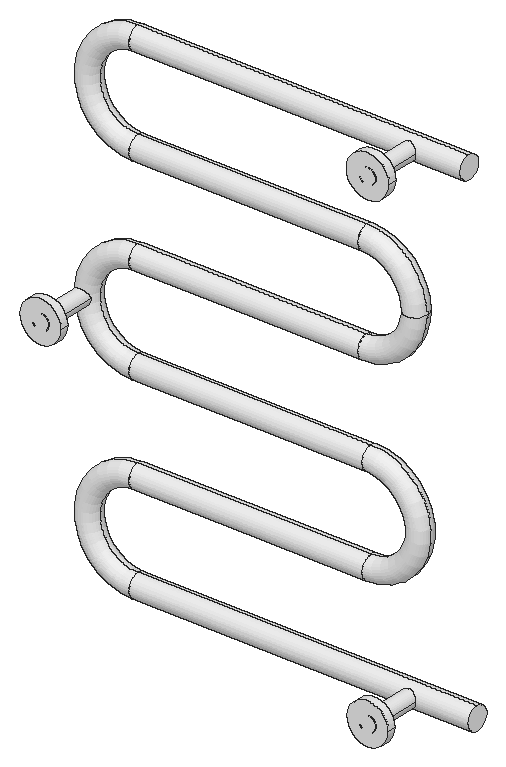
Revit family "EE 400 S 5K L", category Generic Models, host Wall, Revit 2017
Family settings
  Host = Wall
  Can host rebar = No
  Round Connector Dimension = Use Diameter
  Part Type = Normal
  Always vertical = Yes
  Cut with Voids When Loaded = No
  Shared = No
  Room Calculation Point = No
Parameters (values of type "EE 400 S 5K L")
  URL = "http://www.sentakia.com/sahkotoimiset-pyyhekuivaimet/"
  Teho = "60 W"
  Sähkönumero = "8112501"
  Sentakia_Material_Default = Stainless Steel, Polished_sentakia
  RAL-väri [instance] = yes
  RAL-koodi [instance] = ""
  Model = "EE 400 S 5K L"
  Materiaali = "kromattu teräs"
  Manufacturer = "Sentakia Oy"
  Leveys = 400 mm  # constant formula
  LVI = "5282043"
  Keynote = "6120"
  IP = "IP 44"
  Height = 600 mm  # constant formula
  EAN = "4770046006620"
  Depth = 88 mm  # constant formula
  Assembly Code = ""
Reference planes
  plane 1 "Wall": y = 0
  plane 2 "Center (Left/Right)": x = 125
  plane 3 "Back": y = 75
  plane 4 "Outer": y = 163
  plane 5: y = 135
  plane 6 "Connector lower": z = 1200
  plane 7 "Connector upper": z = 1800
  plane 8: z = 1210
  plane 9: z = 1190
  plane 10 "r": x = 325
  plane 11 "l": x = -75
  plane 12 "Pipe": y = 149
  plane 13 "Tikas1": z = 1320
  plane 14: z = 1560
  plane 15: z = 1440
  plane 16: z = 1680
  plane 17: x = -140
  plane 18 "Handler middle": z = 1500
  plane 19: y = 85
  plane 20: x = 390
  plane 21: x = 400
Forms (mm)
  Extrusion 1, solid, material "Stainless Steel, Polished_sentakia" <- "Sentakia_Material_Default", detail levels medium+fine
    sketch origin (250, 0, 0) x (-1, 0, 0) y (0, 0, -1)
      loop
        circle (-75, -1200) r 10
    from -149 to -75
  Extrusion 2, solid, material "Stainless Steel, Polished_sentakia" <- "Sentakia_Material_Default", detail levels medium+fine
    sketch origin (250, 0, 310) x (-1, 0, 0) y (0, 0, -1)
      loop
        circle (-75, -1490) r 10
    from -149 to -75
  Extrusion 3, solid, material "Stainless Steel, Polished_sentakia" <- "Sentakia_Material_Default", detail levels coarse
    sketch origin (125, 0, 0) x (0, 1, 0) y (0, 0, -1)
      loop
        line (163, -1800) -> (163, -1200) -> (75, -1200) -> (75, -1800) -> (163, -1800)
    from -265 to 200
  Sweep 4, solid, material "Stainless Steel, Polished_sentakia" <- "Sentakia_Material_Default", detail levels medium+fine
    path origin (250, 163, 0) x (0, 0, 1) y (1, 0, 0)
      loop
        line (1800, 140) -> (1800, -265)
        arc (1800, -265) -> (1740, -325) -> (1680, -265) r 60
        line (1680, -265) -> (1680, 15)
        arc (1680, 15) -> (1662.426, 57.426) -> (1620, 75) r 60
        arc (1620, 75) -> (1577.574, 57.426) -> (1560, 15) r 60
        line (1560, 15) -> (1560, -265)
        arc (1560, -265) -> (1500, -325) -> (1440, -265) r 60
        line (1440, -265) -> (1440, 20.02)
        arc (1440, 20.02) -> (1380, 80.02) -> (1320, 20.02) r 60
        line (1320, 20.02) -> (1320, -265)
        arc (1320, -265) -> (1260, -325) -> (1200, -265) r 60
        line (1200, -265) -> (1200, 150)
    profile origin (187.5, 163, 1800) x (0, 0, -1) y (0, -1, 0)
      loop
        circle (0, 14) r 13.953
  Extrusion 5, solid, material "Stainless Steel, Polished_sentakia" <- "Sentakia_Material_Default", detail levels medium+fine
    sketch origin (250, 0, 0) x (-1, 0, 0) y (0, 0, -1)
      loop
        circle (325, -1500) r 10
    from -149 to -75
  Extrusion 6, solid, material "Stainless Steel, Polished_sentakia" <- "Sentakia_Material_Default", detail levels medium+fine
    sketch origin (250, 0, 0) x (-1, 0, 0) y (0, 0, -1)
      loop
        circle (325, -1500) r 25
    from -85 to -75
  Extrusion 7, solid, material "Stainless Steel, Polished_sentakia" <- "Sentakia_Material_Default", detail levels medium+fine
    sketch origin (250, 0, 0) x (-1, 0, 0) y (0, 0, -1)
      loop
        circle (-75, -1800) r 26
    from -85 to -75
  Extrusion 8, solid, material "Stainless Steel, Polished_sentakia" <- "Sentakia_Material_Default", detail levels medium+fine
    sketch origin (250, 0, -600) x (-1, 0, 0) y (0, 0, -1)
      loop
        circle (-75, -1800) r 25
    from -85 to -75
Cuts and joins
  joined: Extrusion 1, Extrusion 2, Sweep 4, Extrusion 5
Text (mm)
  text "Placement Side" at (-1848.837, 1116.779, 0), in view "Ref. Level"
  text "Placement side" at (0, 1409.804, 2854.306), in view "Left"
  text "Placement side" at (0, 499.811, 2980.732), in view "Right"
Dimensions and locks
  locked: plane 3 "Back" to host wall
  "Depth": plane 4 "Outer" to host wall
  locked: plane 4 "Outer" to plane 5 at 28
  "Leveys": plane 11 "l" to plane 10 "r"
  plane 7 "Connector upper" to level = 1800 mm
  plane 7 "Connector upper" to plane 6 "Connector lower" = 600 mm
  equal spacing: plane 11 "l", plane 2 "Center (Left/Right)", plane 10 "r"
  "Height": plane 6 "Connector lower" to plane 7 "Connector upper"
  equal spacing: plane 6 "Connector lower", plane 13 "Tikas1", plane 15, plane 14, plane 16, plane 7 "Connector upper"
  level to plane 7 "Connector upper" = 1800 mm
  plane 8 to plane 6 "Connector lower" to plane 9 = 10 mm, 10 mm
  plane 11 "l" to plane 20 to plane 21 = 465 mm locked, 10 mm locked
  equal spacing: plane 15, plane 18 "Handler middle", plane 14
  locked: host wall to plane 12 "Pipe" at 74
  aligned and locked: plane 1 "Wall" to host wall
  aligned and locked: Extrusion 7 to host wall
  aligned and locked: Extrusion 7 to plane 19
  aligned and locked: Extrusion 2 to plane 12 "Pipe"
  aligned and locked: Extrusion 2 to host wall
  aligned and locked: Extrusion 6 to host wall
  aligned and locked: Extrusion 6 to plane 19
  aligned and locked: Extrusion 5 to host wall
  aligned and locked: Extrusion 5 to plane 12 "Pipe"
  aligned and locked: Extrusion 1 to host wall
  aligned and locked: Extrusion 1 to plane 12 "Pipe"
  aligned and locked: Extrusion 8 to host wall
  aligned and locked: Extrusion 8 to plane 19
  aligned and locked: plane 21 to Sweep 4 sketch curve
  aligned and locked: plane 10 "r" to Extrusion 8 sketch curve
  aligned and locked: plane 6 "Connector lower" to Extrusion 8 sketch curve
  aligned and locked: plane 6 "Connector lower" to Extrusion 1 sketch curve
  aligned and locked: plane 10 "r" to Extrusion 1 sketch curve
  aligned and locked: plane 18 "Handler middle" to Extrusion 6 sketch curve
  aligned and locked: plane 11 "l" to Extrusion 6 sketch curve
  aligned and locked: plane 18 "Handler middle" to Extrusion 5 sketch curve
  aligned and locked: plane 11 "l" to Extrusion 5 sketch curve
  aligned and locked: plane 10 "r" to Extrusion 7 sketch curve
  aligned and locked: plane 7 "Connector upper" to Extrusion 7 sketch curve
  aligned and locked: plane 10 "r" to Extrusion 2 sketch curve
  aligned and locked: plane 7 "Connector upper" to Extrusion 2 sketch curve
Automatic sketch dimensions
  Extrusion 3 sketch curve to host wall = 0 mm
  Extrusion 3 sketch curve to plane 4 "Outer" = 0 mm
  Extrusion 3 sketch curve to plane 7 "Connector upper" = 0 mm
  Extrusion 3 sketch curve to plane 6 "Connector lower" = 0 mm
  Sweep 4 sketch curve to Sweep 4 sketch curve = 0 mm  (x2)
  Sweep 4 sketch curve to plane 6 "Connector lower" = 0 mm
  Sweep 4 sketch curve to plane 13 "Tikas1" = 0 mm
  Sweep 4 sketch curve to plane 15 = 0 mm
  Sweep 4 sketch curve to plane 18 "Handler middle" = 0 mm
  plane 10 "r" to Sweep 4 sketch curve = 0 mm  (x2)
  Sweep 4 sketch curve to plane 16 = 0 mm
  Sweep 4 sketch curve to plane 7 "Connector upper" = 0 mm
  plane 11 "l" to Sweep 4 sketch curve = 60 mm  (x3)
  Sweep 4 sketch curve to plane 10 "r" = 54.98 mm
  plane 10 "r" to Sweep 4 sketch curve = 65 mm
  Sweep 4 sketch curve to profile plane = 0 mm
  plane 4 "Outer" to Sweep 4 sketch curve = 14 mm
  radius of Extrusion 1 sketch curve = 10 mm
  radius of Extrusion 2 sketch curve = 10 mm
  radius of Sweep 4 sketch curve = 13.953 mm
  radius of Extrusion 5 sketch curve = 10 mm
  radius of Extrusion 6 sketch curve = 25 mm
  radius of Extrusion 7 sketch curve = 26 mm
  radius of Extrusion 8 sketch curve = 25 mm
Connectors
  electrical at (325, 149, 1200)
    settings: on Extrusion 1, index 1, voltage 0 V, apparent load 0 VA, apparent load phase1 0 VA, apparent load phase2 0 VA, apparent load phase3 0 VA, power factor 1, load classification "Other", number of poles 1, system type 31, power factor state 1, is connector primary yes, connector utility no, sub classification motor no, connector description ""
